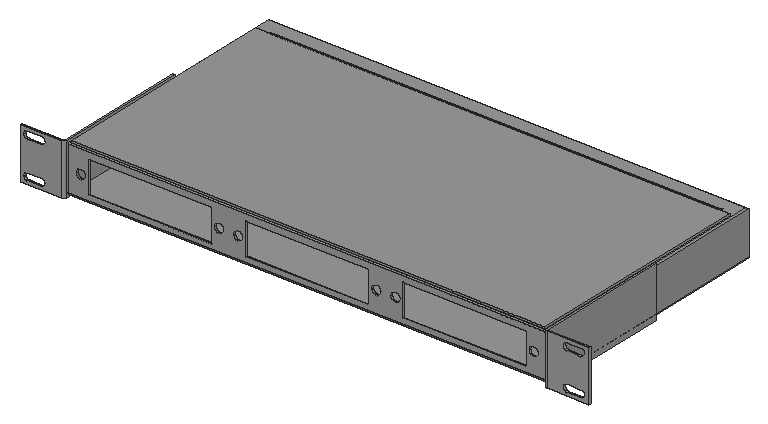
Revit family "ITK_Кросс оптический_19-дюймовое крепление_1U", category Обобщенные модели, Revit 2019
Family settings
  Может служить основой для арматурных стержней = Нет
  Размер круглого соединителя = Использовать диаметр
  Тип детали = Нормальный
  На основе рабочей плоскости = Нет
  Всегда вертикально = Да
  При загрузке вырезать с полостями = Нет
  Общий = Нет
  Точка расчета площади = Нет
Parameters (values of type "FOBX24-1U-000")
  Степень защиты = ""
  Изготовитель = "ITK"  # constant formula
  Дата изменения = ""
  Тип монтажа = "19-дюймовое крепление"
  URL = "https://www.iek.ru/"
  KSI_CPr_Строительные изделия = "26.30.40.61.1.04.09-1081 26.30.40.61.1.04.09-1082 26.30.40.61.1.04.09-1083"
  KSI_CMa_Строительные материалы = "10.03.02.06"  # constant formula
  IEK_Цена за единицу = 2076.88
  IEK_Поиск в таблице имен = ""
  IEK_Описание = "Высокое качество материалов.\r\nУвеличенный срок эксплуатации.\r\nНадежная защита волокон от внешних механических воздействий и попадания внутрь посторонних предметов.\r\nСоответствие международным стандартам и ГОСТ Р.\r\nУдобство монтажа и эксплуатации."
  IEK_URL = "https://www.itk-group.ru/produktsiya/catalog/oborudovanie_telekommunikatsionnoe/komponenty_sks_opticheskie/komponenty_sks_opticheskie/opticheskie_krossy_19/itk_1u_opticheskiy_raspredelitelnyy_kross_do_24_portov_bez_planok_pod_8p_3sht"
  ADSK_Примечание = ""
  ADSK_Позиция [instance] = ""
  ADSK_Наименование = "ITK 1U Оптический распределительный кросс до 24 портов (без планок, под 8п-3шт)"
  ADSK_Материал обозначение = ""
  ADSK_Материал наименование = "Листовая сталь"  # constant formula
  ADSK_Масса = 1.6
  ADSK_Марка = ""
  ADSK_Код изделия = "FOBX24-1U-000"
  ADSK_Завод-изготовитель = "IEK"  # constant formula
  ADSK_Единица измерения = "шт"  # constant formula
  ADSK_Группирование = "I. ЩИТЫ И ПУЛЬТЫ"  # constant formula
  ADSK_Версия семейства = "1.0"  # constant formula
  ADSK_Версия Revit = "2019"  # constant formula
  ADSK_URL страницы изделия = "https://www.itk-group.ru/produktsiya/catalog/oborudovanie_telekommunikatsionnoe/komponenty_sks_opticheskie/komponenty_sks_opticheskie/opticheskie_krossy_19/"
Reference planes
  plane 1 "По центру (Вперед/Назад)": y = 0
  plane 2: z = 0
  plane 3 "По центру (Влево/Вправо)": x = 0
Forms (mm)
  Extrusion 1, solid, material "Окраска - RAL 7035", detail levels fine
    sketch origin (0, 0, 0) x (1, 0, 0) y (0, 1, 0)
      loop
        line (-205, 1.5) -> (-240, 1.5) -> (-240, 0) -> (-205, 0)
        arc (-205, 0) -> (-203.232, 0.732) -> (-202.5, 2.5) r 2.5
        line (-202.5, 2.5) -> (-202.5, 116) -> (-204, 116) -> (-204, 2.5)
        arc (-204, 2.5) -> (-204.293, 1.793) -> (-205, 1.5) r 1
      loop
        line (204, 2.5) -> (204, 116) -> (202.5, 116) -> (202.5, 2.5)
        arc (202.5, 2.5) -> (203.232, 0.732) -> (205, 0) r 2.5
        line (205, 0) -> (240, 0) -> (240, 1.5) -> (205, 1.5)
        arc (205, 1.5) -> (204.293, 1.793) -> (204, 2.5) r 1
    from 0 to 43
  Extrusion 2, void
    sketch origin (0, 0, 0) x (1, 0, 0) y (0, 0, 1)
      loop
        arc (-233.5, 40.5) -> (-235.798, 39.548) -> (-236.75, 37.25) r 3.25
        arc (-236.75, 37.25) -> (-235.798, 34.952) -> (-233.5, 34) r 3.25
        line (-233.5, 34) -> (-222, 34)
        arc (-222, 34) -> (-218.75, 37.25) -> (-222, 40.5) r 3.25
        line (-222, 40.5) -> (-233.5, 40.5)
      loop
        arc (-233.5, 9) -> (-235.798, 8.048) -> (-236.75, 5.75) r 3.25
        arc (-236.75, 5.75) -> (-235.798, 3.452) -> (-233.5, 2.5) r 3.25
        line (-233.5, 2.5) -> (-222, 2.5)
        arc (-222, 2.5) -> (-218.75, 5.75) -> (-222, 9) r 3.25
        line (-222, 9) -> (-233.5, 9)
      loop
        arc (222, 40.5) -> (218.75, 37.25) -> (222, 34) r 3.25
        line (222, 34) -> (233.5, 34)
        arc (233.5, 34) -> (235.798, 34.952) -> (236.75, 37.25) r 3.25
        arc (236.75, 37.25) -> (235.798, 39.548) -> (233.5, 40.5) r 3.25
        line (233.5, 40.5) -> (222, 40.5)
      loop
        arc (222, 9) -> (218.75, 5.75) -> (222, 2.5) r 3.25
        line (222, 2.5) -> (233.5, 2.5)
        arc (233.5, 2.5) -> (235.798, 3.452) -> (236.75, 5.75) r 3.25
        arc (236.75, 5.75) -> (235.798, 8.048) -> (233.5, 9) r 3.25
        line (233.5, 9) -> (222, 9)
    from 0 to -3
  Extrusion 3, solid, material "Окраска - RAL 7035", detail levels fine
    sketch origin (0, 0, 0) x (1, 0, 0) y (0, 0, 1)
      loop
        line (202.5, 40) -> (-202.5, 40) -> (-202.5, 3) -> (202.5, 3) -> (202.5, 40)
    from -3 to -215
  Blend 4, solid, material "Окраска - RAL 7035", detail levels fine
    base sketch origin (0, 0, 0) x (1, 0, 0) y (0, 1, 0)
      loop
        line (-202.5, 215) -> (-202.5, 3) -> (202.5, 3) -> (202.5, 215) -> (-202.5, 215)
    top sketch origin (0, 0, 0) x (1, 0, 0) y (0, 1, 0)
      loop
        line (201.5, 214) -> (-201.5, 214) -> (-201.5, 4) -> (201.5, 4) -> (201.5, 214)
    from 40 to 41.5
  Blend 5, solid, material "Окраска - RAL 7035", detail levels fine
    base sketch origin (0, 0, -80) x (1, 0, 0) y (0, 1, 0)
      loop
        line (-202.5, 215) -> (-202.5, 3) -> (202.5, 3) -> (202.5, 215) -> (-202.5, 215)
    top sketch origin (0, 0, -80) x (1, 0, 0) y (0, 1, 0)
      loop
        line (201.5, 214) -> (-201.5, 214) -> (-201.5, 4) -> (201.5, 4) -> (201.5, 214)
    from 83 to 81.5
  Extrusion 6, void
    sketch origin (0, 0, 0) x (1, 0, 0) y (0, 1, 0)
      loop
        line (201.5, 214) -> (-201.5, 214) -> (-201.5, 4) -> (201.5, 4) -> (201.5, 214)
    from 3 to 40
  Extrusion 7, void
    sketch origin (0, 0, 0) x (1, 0, 0) y (0, 0, 1)
      loop
        line (-184.8, 7.85) -> (-80.6, 7.85) -> (-80.6, 35.15) -> (-184.8, 35.15) -> (-184.8, 7.85)
      loop
        line (-52.1, 35.15) -> (-52.1, 7.85) -> (52.1, 7.85) -> (52.1, 35.15) -> (-52.1, 35.15)
      loop
        line (80.6, 35.15) -> (80.6, 7.85) -> (184.8, 7.85) -> (184.8, 35.15) -> (80.6, 35.15)
      loop
        circle (-190.937, 21.497) r 3.921
      loop
        circle (-74.23, 21.497) r 3.921
      loop
        circle (-58.134, 21.497) r 3.921
      loop
        circle (58.47, 21.497) r 3.921
      loop
        circle (74.566, 21.497) r 3.921
      loop
        circle (191.17, 21.497) r 3.921
    from 0 to -10
  Extrusion 8, void
    sketch origin (0, 0, 0) x (1, 0, 0) y (0, 0, 1)
      loop
        line (110.6, 32) -> (100.1, 32)
        arc (100.1, 32) -> (98.686, 31.414) -> (98.1, 30) r 2
        arc (98.1, 30) -> (98.686, 28.586) -> (100.1, 28) r 2
        line (100.1, 28) -> (110.6, 28)
        arc (110.6, 28) -> (112.6, 30) -> (110.6, 32) r 2
      loop
        line (75.1, 32) -> (64.6, 32)
        arc (64.6, 32) -> (63.186, 31.414) -> (62.6, 30) r 2
        arc (62.6, 30) -> (63.186, 28.586) -> (64.6, 28) r 2
        line (64.6, 28) -> (75.1, 28)
        arc (75.1, 28) -> (77.1, 30) -> (75.1, 32) r 2
      loop
        line (110.6, 15) -> (100.1, 15)
        arc (100.1, 15) -> (98.686, 14.414) -> (98.1, 13) r 2
        arc (98.1, 13) -> (98.686, 11.586) -> (100.1, 11) r 2
        line (100.1, 11) -> (110.6, 11)
        arc (110.6, 11) -> (112.6, 13) -> (110.6, 15) r 2
      loop
        line (75.1, 15) -> (64.6, 15)
        arc (64.6, 15) -> (63.186, 14.414) -> (62.6, 13) r 2
        arc (62.6, 13) -> (63.186, 11.586) -> (64.6, 11) r 2
        line (64.6, 11) -> (75.1, 11)
        arc (75.1, 11) -> (77.1, 13) -> (75.1, 15) r 2
      loop
        line (52.1, 7.85) -> (52.1, 35.15) -> (-52.1, 35.15) -> (-52.1, 7.85) -> (52.1, 7.85)
      loop
        line (-64.6, 32) -> (-75.1, 32)
        arc (-75.1, 32) -> (-76.514, 31.414) -> (-77.1, 30) r 2
        arc (-77.1, 30) -> (-76.514, 28.586) -> (-75.1, 28) r 2
        line (-75.1, 28) -> (-64.6, 28)
        arc (-64.6, 28) -> (-62.6, 30) -> (-64.6, 32) r 2
      loop
        line (-100.1, 32) -> (-110.6, 32)
        arc (-110.6, 32) -> (-112.014, 31.414) -> (-112.6, 30) r 2
        arc (-112.6, 30) -> (-112.014, 28.586) -> (-110.6, 28) r 2
        line (-110.6, 28) -> (-100.1, 28)
        arc (-100.1, 28) -> (-98.1, 30) -> (-100.1, 32) r 2
      loop
        line (-100.1, 15) -> (-110.6, 15)
        arc (-110.6, 15) -> (-112.014, 14.414) -> (-112.6, 13) r 2
        arc (-112.6, 13) -> (-112.014, 11.586) -> (-110.6, 11) r 2
        line (-110.6, 11) -> (-100.1, 11)
        arc (-100.1, 11) -> (-98.1, 13) -> (-100.1, 15) r 2
      loop
        line (-64.6, 15) -> (-75.1, 15)
        arc (-75.1, 15) -> (-76.514, 14.414) -> (-77.1, 13) r 2
        arc (-77.1, 13) -> (-76.514, 11.586) -> (-75.1, 11) r 2
        line (-75.1, 11) -> (-64.6, 11)
        arc (-64.6, 11) -> (-62.6, 13) -> (-64.6, 15) r 2
      loop
        circle (152.763, 28.937) r 1.987
      loop
        circle (152.763, 13.937) r 1.987
      loop
        circle (182.995, 13.943) r 1.269
      loop
        circle (-152.763, 28.937) r 1.987
      loop
        circle (-152.763, 13.937) r 1.987
      loop
        circle (-182.995, 13.943) r 1.269
    from -215 to -214
  Extrusion 9, solid, material "Окраска - RAL 7035", detail levels fine
    sketch origin (0, 0, 0) x (1, 0, 0) y (0, 1, 0)
      loop
        line (-200, 198.542) -> (-200, 3.85) -> (200, 3.85) -> (200, 198.542) -> (-200, 198.542)
    from 41.5 to 43
  Extrusion 10, solid, material "Окраска - RAL 7035", detail levels fine
    sketch origin (0, 0, 0) x (0, 1, 0) y (0, 0, 1)
      loop
        line (198.542, 41.5) -> (204.737, 38.845)
        arc (204.737, 38.845) -> (205.56, 38.587) -> (206.418, 38.5) r 4.266
        line (206.418, 38.5) -> (213.85, 38.5) -> (213.85, 40) -> (206.457, 40)
        arc (206.457, 40) -> (205.862, 40.06) -> (205.292, 40.239) r 2.958
        line (205.292, 40.239) -> (199.51, 42.717) -> (198.542, 43) -> (198.542, 41.5)
    from -190 to 190
  Extrusion 11, solid, material "Окраска - RAL 7035", detail levels fine
    sketch origin (0, 0, 0) x (1, 0, 0) y (0, 1, 0)
      loop
        circle (-40.032, 134.023) r 2.037
      loop
        circle (40.032, 134.023) r 2.037
    from 3 to 40
  Extrusion 12, solid, detail levels coarse+medium
    sketch origin (0, 0, 0) x (1, 0, 0) y (0, 1, 0)
      loop
        line (-202.5, 215) -> (-202.5, 0) -> (202.467, 0) -> (202.467, 215) -> (-202.5, 215)
    from 0 to 43
Cuts and joins
  Extrusion 2 cuts Extrusion 1
  Extrusion 6, Extrusion 7, Extrusion 8 cuts Extrusion 3
  Extrusion 6, Extrusion 7 cuts Blend 4
  Extrusion 6 cuts Blend 5
Dimensions and locks
  aligned and locked: level to plane 2
